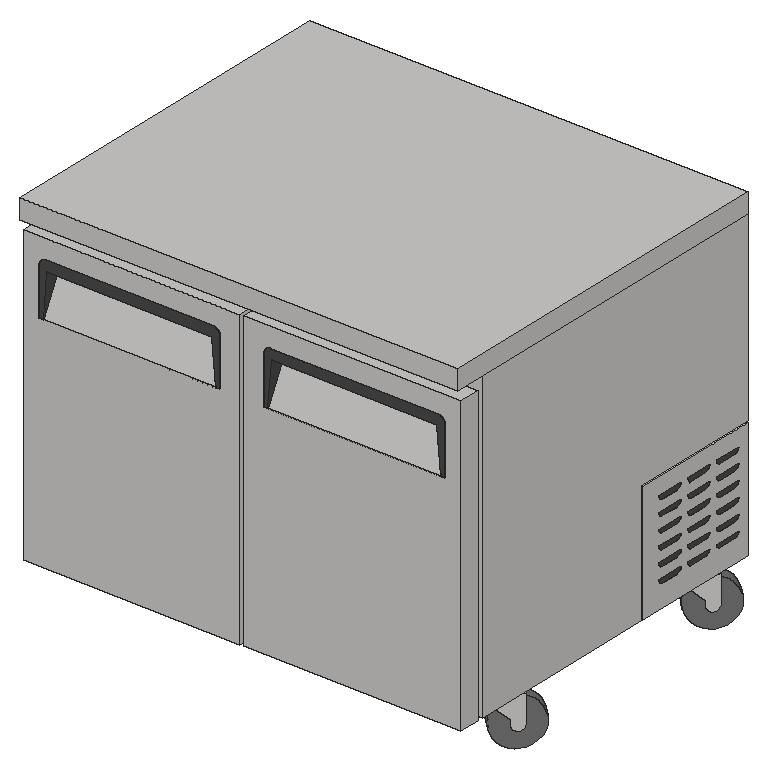
Revit family "QF_Turbo Air_MUR-36L", category Specialty Equipment, Revit 2012
Parameters
  Weight in Pounds = 187
  Watermarked By = "http://revitwatermark.com"
  Volts = 115 V
  URL Cutsheet = ""
  URL = "www.turboairinc.com"
  Status [instance] = ""
  Specification by User [instance] = ""
  Specification by Manufacturer [instance] = ""
  Serial Number [instance] = ""
  Revision Code [instance] = ""
  Phase = 1
  Number of Poles [instance] = 1
  NAFEM Spec ID Number [instance] = ""
  Model = "MUR-36L"
  Masterspec [instance] = ""
  Manufacturer = "Turbo Air"  # constant formula
  Legs [instance] = [6 inch Legs]  # no
  Item Number [instance] = "-"
  Installed By [instance] = ""
  HP = "1/5"
  Furnished By [instance] = ""
  Foodservice Equipment Identifier = yes
  FL Amps = 3 A
  Electrical Remarks [instance] = ""
  Electric Connection Type [instance] = ""
  Elec Conn RI Height [instance] = 0' - 0"
  Elec Conn Connection Height = 1' - 0"
  Description = "Undercounter Refrigerator"
  Cycle = 60 Hz
  Conn Plug = "NEMA 5-15P"
  Casters [instance] = not(Legs)  # yes
  CasterLeg Height [instance] = if([4 inch Casters], 0' 5", if([5 inch Casters], 0' 5 3/4", if([2_5 inch Casters], 0' 3 3/8", 0' 6")))  # 0' - 5"
  CSI MasterFormat = "11 41 13"
  Assembly Code = "E1090320"
  Apparent Power = if(Phase = 3, Volts * FL Amps * 1.73, Volts * FL Amps)  # 345 VA
  6 inch Legs [instance] = no
  5 inch Casters [instance] = no
  4 inch Casters [instance] = yes
  2_5 inch Casters [instance] = no
Reference planes (in)
  plane 1 "BACK": y = 0
  plane 2: z = 0
  plane 3 "LEFT": x = -20.78844
  plane 4 "Bottom": z = 5
  plane 5 "Back Stops": y = 1
  plane 6 "RIGHT": x = 15.46156
  plane 7 "FRONT": y = -30
  plane 8 "Door Clearance": y = -45.75
  plane 9 "Back of Door": y = -27.875
  plane 10 "Front of Box": y = -27.375
  plane 11 "Top of Door": z = 29.5
  plane 12 "TOP": z = 32
  plane 13 "Bottom of TOP": z = 30.375
  plane 14 "Center LR": x = -2.66344
  plane 15: x = -2.47594
  plane 16: x = -2.85094
Forms (in)
  Extrusion 1, solid, material "QF_Finishes_Stainless Steel"
    sketch origin (-20.78844, 0, 0) x (0, 1, 0) y (0, 0, 1)
      loop
        line (0, 5) -> (0, 30.375) -> (-27.375, 30.375) -> (-27.375, 5) -> (0, 5)
    from 0 to 36.25
  Extrusion 2, solid, material "QF_Finishes_Black"
    sketch origin (0, -27.375, 0) x (1, 0, 0) y (0, 0, 1)
      loop
        line (-19.78844, 28.5) -> (-19.78844, 6) -> (-3.85094, 6) -> (-3.85094, 28.5) -> (-19.78844, 28.5)
      loop
        line (-1.47594, 28.5) -> (-1.47594, 6) -> (14.46156, 6) -> (14.46156, 28.5) -> (-1.47594, 28.5)
    from 0 to 0.5
  Extrusion 3, void
    sketch origin (15.46156, 0, 0) x (0, 1, 0) y (0, 0, 1)
      loop
        line (0, 5) -> (0, 15) -> (-11, 15) -> (-11, 5) -> (0, 5)
    from 0 to -1
  Extrusion 4, solid, material "QF_Finishes_Stainless Steel"
    sketch origin (15.46156, 0, 0) x (0, 1, 0) y (0, 0, 1)
      loop
        line (-10.875, 14.875) -> (-10.875, 5) -> (0, 5) -> (0, 14.875) -> (-10.875, 14.875)
      loop
        arc (-9.25, 13.5) -> (-9.10355, 13.14645) -> (-8.75, 13) r 0.5
        line (-8.75, 13) -> (-7.25, 13)
        arc (-7.25, 13) -> (-6.89645, 13.14645) -> (-6.75, 13.5) r 0.5
        line (-6.75, 13.5) -> (-9.25, 13.5)
      loop
        arc (-6.25, 13.5) -> (-6.10355, 13.14645) -> (-5.75, 13) r 0.5
        line (-5.75, 13) -> (-4.25, 13)
        arc (-4.25, 13) -> (-3.89645, 13.14645) -> (-3.75, 13.5) r 0.5
        line (-3.75, 13.5) -> (-6.25, 13.5)
      loop
        arc (-3.25, 13.5) -> (-3.10355, 13.14645) -> (-2.75, 13) r 0.5
        line (-2.75, 13) -> (-1.25, 13)
        arc (-1.25, 13) -> (-0.89645, 13.14645) -> (-0.75, 13.5) r 0.5
        line (-0.75, 13.5) -> (-3.25, 13.5)
      loop
        arc (-9.25, 12.25) -> (-9.10355, 11.89645) -> (-8.75, 11.75) r 0.5
        line (-8.75, 11.75) -> (-7.25, 11.75)
        arc (-7.25, 11.75) -> (-6.89645, 11.89645) -> (-6.75, 12.25) r 0.5
        line (-6.75, 12.25) -> (-9.25, 12.25)
      loop
        arc (-6.25, 12.25) -> (-6.10355, 11.89645) -> (-5.75, 11.75) r 0.5
        line (-5.75, 11.75) -> (-4.25, 11.75)
        arc (-4.25, 11.75) -> (-3.89645, 11.89645) -> (-3.75, 12.25) r 0.5
        line (-3.75, 12.25) -> (-6.25, 12.25)
      loop
        arc (-3.25, 12.25) -> (-3.10355, 11.89645) -> (-2.75, 11.75) r 0.5
        line (-2.75, 11.75) -> (-1.25, 11.75)
        arc (-1.25, 11.75) -> (-0.89645, 11.89645) -> (-0.75, 12.25) r 0.5
        line (-0.75, 12.25) -> (-3.25, 12.25)
      loop
        arc (-9.25, 11) -> (-9.10355, 10.64645) -> (-8.75, 10.5) r 0.5
        line (-8.75, 10.5) -> (-7.25, 10.5)
        arc (-7.25, 10.5) -> (-6.89645, 10.64645) -> (-6.75, 11) r 0.5
        line (-6.75, 11) -> (-9.25, 11)
      loop
        arc (-6.25, 11) -> (-6.10355, 10.64645) -> (-5.75, 10.5) r 0.5
        line (-5.75, 10.5) -> (-4.25, 10.5)
        arc (-4.25, 10.5) -> (-3.89645, 10.64645) -> (-3.75, 11) r 0.5
        line (-3.75, 11) -> (-6.25, 11)
      loop
        arc (-3.25, 11) -> (-3.10355, 10.64645) -> (-2.75, 10.5) r 0.5
        line (-2.75, 10.5) -> (-1.25, 10.5)
        arc (-1.25, 10.5) -> (-0.89645, 10.64645) -> (-0.75, 11) r 0.5
        line (-0.75, 11) -> (-3.25, 11)
      loop
        arc (-9.25, 9.75) -> (-9.10355, 9.39645) -> (-8.75, 9.25) r 0.5
        line (-8.75, 9.25) -> (-7.25, 9.25)
        arc (-7.25, 9.25) -> (-6.89645, 9.39645) -> (-6.75, 9.75) r 0.5
        line (-6.75, 9.75) -> (-9.25, 9.75)
      loop
        arc (-6.25, 9.75) -> (-6.10355, 9.39645) -> (-5.75, 9.25) r 0.5
        line (-5.75, 9.25) -> (-4.25, 9.25)
        arc (-4.25, 9.25) -> (-3.89645, 9.39645) -> (-3.75, 9.75) r 0.5
        line (-3.75, 9.75) -> (-6.25, 9.75)
      loop
        arc (-3.25, 9.75) -> (-3.10355, 9.39645) -> (-2.75, 9.25) r 0.5
        line (-2.75, 9.25) -> (-1.25, 9.25)
        arc (-1.25, 9.25) -> (-0.89645, 9.39645) -> (-0.75, 9.75) r 0.5
        line (-0.75, 9.75) -> (-3.25, 9.75)
      loop
        arc (-9.25, 8.5) -> (-9.10355, 8.14645) -> (-8.75, 8) r 0.5
        line (-8.75, 8) -> (-7.25, 8)
        arc (-7.25, 8) -> (-6.89645, 8.14645) -> (-6.75, 8.5) r 0.5
        line (-6.75, 8.5) -> (-9.25, 8.5)
      loop
        arc (-6.25, 8.5) -> (-6.10355, 8.14645) -> (-5.75, 8) r 0.5
        line (-5.75, 8) -> (-4.25, 8)
        arc (-4.25, 8) -> (-3.89645, 8.14645) -> (-3.75, 8.5) r 0.5
        line (-3.75, 8.5) -> (-6.25, 8.5)
      loop
        arc (-3.25, 8.5) -> (-3.10355, 8.14645) -> (-2.75, 8) r 0.5
        line (-2.75, 8) -> (-1.25, 8)
        arc (-1.25, 8) -> (-0.89645, 8.14645) -> (-0.75, 8.5) r 0.5
        line (-0.75, 8.5) -> (-3.25, 8.5)
      loop
        arc (-9.25, 7.25) -> (-9.10355, 6.89645) -> (-8.75, 6.75) r 0.5
        line (-8.75, 6.75) -> (-7.25, 6.75)
        arc (-7.25, 6.75) -> (-6.89645, 6.89645) -> (-6.75, 7.25) r 0.5
        line (-6.75, 7.25) -> (-9.25, 7.25)
      loop
        arc (-6.25, 7.25) -> (-6.10355, 6.89645) -> (-5.75, 6.75) r 0.5
        line (-5.75, 6.75) -> (-4.25, 6.75)
        arc (-4.25, 6.75) -> (-3.89645, 6.89645) -> (-3.75, 7.25) r 0.5
        line (-3.75, 7.25) -> (-6.25, 7.25)
      loop
        arc (-3.25, 7.25) -> (-3.10355, 6.89645) -> (-2.75, 6.75) r 0.5
        line (-2.75, 6.75) -> (-1.25, 6.75)
        arc (-1.25, 6.75) -> (-0.89645, 6.89645) -> (-0.75, 7.25) r 0.5
        line (-0.75, 7.25) -> (-3.25, 7.25)
    from 0 to -1
  Extrusion 5, solid, material "QF_Finishes_Black"
    sketch origin (15.46156, 0, 0) x (0, 1, 0) y (0, 0, 1)
      loop
        line (-9.875, 13.95221) -> (-9.875, 6.20221) -> (-0.375, 6.20221) -> (-0.375, 13.95221) -> (-9.875, 13.95221)
    from -0.125 to -1
  Extrusion 6, solid, material "QF_Finishes_Black"
    sketch origin (0, 0, 0) x (1, 0, 0) y (0, 0, 1)
      loop
        circle (-14.66344, 27.1875) r 0.5
      loop
        circle (9.33656, 27.1875) r 0.5
    from 0 to -1
  Extrusion 7, solid, material "QF_Finishes_Stainless Steel"
    sketch origin (0, 0, 0) x (1, 0, 0) y (0, 0, 1)
      loop
        circle (11.46156, 11.125) r 0.25
    from 0 to -0.0625
  Extrusion 8, solid, material "QF_Finishes_Polished Steel"
    sketch origin (-20.78844, 0, 0) x (0, 1, 0) y (0, 0, 1)
      loop
        line (0, 32) -> (-30, 32) -> (-30, 30.375) -> (0, 30.375) -> (0, 32)
    from 0 to 36.25
Cuts and joins
  Extrusion 3 cuts Extrusion 1
Lines and regions (in)
  symbolic lines
    curve 1: line (-20.78844, 0, 35.875) -> (15.46156, 0, 35.875)
    curve 2: line (-20.78844, -30, 35.875) -> (-20.78844, 0, 35.875)
    curve 3: line (15.46156, -30, 35.875) -> (-20.78844, -30, 35.875)
    curve 4: line (15.46156, 0, 35.875) -> (15.46156, -30, 35.875)
    curve 5: line (8.83656, 1, 35.875) -> (9.83656, 1, 35.875)
    curve 6: line (-15.16344, 1, 35.875) -> (-14.16344, 1, 35.875)
    curve 7: line (-15.16344, 1, 35.875) -> (-15.16344, 0, 35.875)
    curve 8: line (-14.16344, 1, 35.875) -> (-14.16344, 0, 35.875)
    curve 9: line (8.83656, 1, 35.875) -> (8.83656, 0, 35.875)
    curve 10: line (9.83656, 1, 35.875) -> (9.83656, 0, 35.875)
  symbolic lines, style "QF_Clearances", detail levels coarse
    curve 11: line (15.46156, -30, 35.875) -> (15.46156, -45.75, 35.875)
    curve 12: arc (15.46156, -45.75, 35.875) -> (3.59709, -41.24474, 35.875) -> (-2.28668, -30, 35.875) r 17.875
    curve 13: line (-20.78844, -30, 35.875) -> (-20.78844, -45.75, 35.875)
    curve 14: arc (-20.78844, -45.75, 35.875) -> (-8.92397, -41.24474, 35.875) -> (-3.0402, -30, 35.875) r 17.875
Dimensions and locks (in)
  "CasterLeg Height": plane 4 "Bottom" to plane 2
  locked: plane 1 "BACK" to plane 5 "Back Stops" at 1
  locked: plane 6 "RIGHT" to plane 3 "LEFT" at 36.25
  locked: plane 7 "FRONT" to plane 1 "BACK" at 30
  locked: plane 9 "Back of Door" to plane 10 "Front of Box" at 0.5
  locked: plane 8 "Door Clearance" to plane 1 "BACK" at 45.75
  locked: plane 11 "Top of Door" to Extrusion 2 sketch curve at 1  (x2)
  locked: Extrusion 2 sketch curve to plane 3 "LEFT" at 1
  locked: Extrusion 2 sketch curve to plane 4 "Bottom" at 1  (x2)
  locked: Extrusion 3 sketch curve to plane 1 "BACK" at 11
  locked: Extrusion 3 sketch curve to plane 4 "Bottom" at 10
  locked: plane 4 "Bottom" to Extrusion 4 sketch curve at 9.875
  locked: Extrusion 4 sketch curve to plane 1 "BACK" at 10.875
  locked: Extrusion 5 sketch curve to Extrusion 5 sketch curve at 7.75
  locked: Extrusion 5 sketch curve to plane 4 "Bottom" at 1.20221
  locked: Extrusion 5 sketch curve to Extrusion 5 sketch curve at 9.5
  locked: Extrusion 5 sketch curve to plane 1 "BACK" at 0.375
  locked: nested 1 to plane 1 "BACK" at 2.5625
  locked: plane 3 "LEFT" to nested 1 at 2.5
  locked: plane 3 "LEFT" to nested 2 at 2.5
  locked: plane 10 "Front of Box" to nested 2 at 4.625
  locked: nested 3 to plane 6 "RIGHT" at 2.5
  locked: nested 4 to plane 6 "RIGHT" at 2.5
  locked: plane 10 "Front of Box" to nested 4 at 4.625
  locked: nested 3 to plane 1 "BACK" at 2.5625
  locked: plane 6 "RIGHT" to Extrusion 6 sketch curve at 6.125
  locked: Extrusion 6 sketch curve to plane 3 "LEFT" at 6.125
  locked: Extrusion 7 sketch curve to plane 4 "Bottom" at 6.125
  locked: plane 6 "RIGHT" to Extrusion 7 sketch curve at 4
  locked: plane 12 "TOP" to plane 4 "Bottom" at 27
  locked: plane 12 "TOP" to plane 13 "Bottom of TOP" at 1.625
  locked: plane 13 "Bottom of TOP" to plane 11 "Top of Door" at 0.875
  plane 9 "Back of Door" to plane 1 "BACK" = 2' - 3 7/8"
  equal spacing: plane 3 "LEFT", plane 14 "Center LR", plane 6 "RIGHT"
  plane 16 to plane 14 "Center LR" to plane 15 = 0' - 0 3/16" locked, 0' - 0 3/16" locked
  locked: Extrusion 2 sketch curve to plane 16 at 1
  locked: Extrusion 2 sketch curve to plane 6 "RIGHT" at 1
  locked: Extrusion 2 sketch curve to plane 15 at 1
  aligned and locked: level to plane 2
  aligned and locked: Extrusion 1 sketch curve to plane 1 "BACK"
  aligned and locked: Extrusion 1 sketch curve to plane 4 "Bottom"
  aligned and locked: plane 10 "Front of Box" to Extrusion 1 sketch curve
  aligned and locked: plane 6 "RIGHT" to Extrusion 1
  aligned and locked: plane 9 "Back of Door" to Extrusion 2
  aligned and locked: Extrusion 3 sketch curve to plane 1 "BACK"
  aligned and locked: Extrusion 3 sketch curve to plane 4 "Bottom"
  aligned and locked: Extrusion 6 to plane 5 "Back Stops"
  aligned and locked: plane 1 "BACK" to curve 1
  aligned and locked: curve 4 to plane 6 "RIGHT"
  aligned and locked: plane 3 "LEFT" to curve 2
  aligned and locked: curve 3 to plane 7 "FRONT"
  aligned and locked: curve 5 to Extrusion 6
  aligned and locked: curve 6 to Extrusion 6
  aligned and locked: Extrusion 1 sketch curve to plane 13 "Bottom of TOP"
  aligned and locked: plane 1 "BACK" to Extrusion 8 sketch curve
  aligned and locked: plane 13 "Bottom of TOP" to Extrusion 8 sketch curve
  aligned and locked: Extrusion 8 sketch curve to plane 7 "FRONT"
  aligned and locked: Extrusion 8 sketch curve to plane 12 "TOP"
  aligned and locked: plane 6 "RIGHT" to Extrusion 8
  aligned and locked: nested 6 to plane 4 "Bottom"
  aligned and locked: plane 4 "Bottom" to nested 5
Automatic sketch dimensions
  Extrusion 4 sketch curve to plane 1 "BACK" = 0' - 0"
  Extrusion 4 sketch curve to plane 4 "Bottom" = 0' - 0"
  Extrusion 4 sketch curve to Extrusion 4 sketch curve = 0' - 1 5/8"
  Extrusion 4 sketch curve to Extrusion 4 sketch curve = 0' - 0"  (x16)
  Extrusion 4 sketch curve to Extrusion 4 sketch curve = 0' - 0 1/2"  (x31)
  Extrusion 4 sketch curve to Extrusion 4 sketch curve = 0' - 1 1/2"  (x4)
  plane 1 "BACK" to Extrusion 4 sketch curve = 0' - 1 1/4"  (x3)
  plane 4 "Bottom" to Extrusion 4 sketch curve = 0' - 1 3/4"  (x2)
  Extrusion 4 sketch curve to Extrusion 4 sketch curve = 0' - 0 3/4"  (x15)
  Extrusion 6 sketch curve to plane 11 "Top of Door" = 0' - 2 5/16"  (x2)
  plane 8 "Door Clearance" to curve 11 = 0' - 0"
  plane 8 "Door Clearance" to curve 14 = 0' - 0"
  plane 9 "Back of Door" to curve 12 = 0' - 0"
  plane 9 "Back of Door" to curve 14 = 0' - 0"
  curve 10 to plane 6 "RIGHT" = 0' - 5 5/8"
  curve 5 to curve 9 = 0' - 1"
  plane 3 "LEFT" to curve 8 = 0' - 6 5/8"
  curve 6 to curve 7 = 0' - 1"
  radius of Extrusion 6 sketch curve = 0' - 0 1/2"  (x2)
  radius of Extrusion 7 sketch curve = 0' - 0 1/4"
Nested families (in)
  nested 1: "FESCasterLeg" at (-18.28844, -2.5625, 0), Legs <- "Legs", Casters <- "Casters", Height <- "CasterLeg Height", type "FESCasterLeg"
    with Legs no, Height 0' - 5", Casters yes, Caster Radius 0' - 2"
  nested 2: "FESCasterLeg" at (-18.28844, -22.75, 0), Legs <- "Legs", Casters <- "Casters", Height <- "CasterLeg Height", type "FESCasterLeg"
    with Legs no, Height 0' - 5", Casters yes, Caster Radius 0' - 2"
  nested 3: "FESCasterLeg" at (12.96156, -2.5625, 0), Legs <- "Legs", Casters <- "Casters", Height <- "CasterLeg Height", type "FESCasterLeg"
    with Legs no, Height 0' - 5", Casters yes, Caster Radius 0' - 2"
  nested 4: "FESCasterLeg" at (12.96156, -22.75, 0), Legs <- "Legs", Casters <- "Casters", Height <- "CasterLeg Height", type "FESCasterLeg"
    with Legs no, Height 0' - 5", Casters yes, Caster Radius 0' - 2"
  nested 5: "QF_Turbo Air_TBL_Door-1" at (0.28489, -27.875, 5) x (-1, 0, 0) z (0, 0, 1), type "QF_Turbo Air_TBL_Door-1"
    with Width 1' - 5 15/16", Symbolic Lines no, Height 2' - 0 1/2", Handle Width 1' - 3", Depth 0' - 1 13/16"
  nested 6: "QF_Turbo Air_TBL_Door-1" at (-5.61177, -27.875, 5), type "QF_Turbo Air_TBL_Door-1"
    with Width 1' - 5 15/16", Symbolic Lines no, Height 2' - 0 1/2", Handle Width 1' - 3", Depth 0' - 1 13/16"
Connectors (in)
  electrical at (11.46156, 0.0625, 11.125), driven by "Number of Poles", driven by "Volts", driven by "Apparent Power"
    settings: on Extrusion 7, index 1, voltage 115 V, apparent load 345 VA, apparent load phase1 0 VA, apparent load phase2 0 VA, apparent load phase3 0 VA, power factor 1, load classification "Other", number of poles 1, system type 30, power factor state 1, is connector primary yes, connector utility no, sub classification motor no, connector description ""
Definition of nested family "FESCasterLeg"
  Parameters (values of type "FESCasterLeg")
    Watermarked By = "http://revitwatermark.com"
    Type Comments = "⍁⍉⌁⌀⏭⎽⌇⍠⌜⍉⎖⌥⌦⌯⍭⏊⍻⍿⍊⏵⍊⏗⏠⍴⎡⌈⎀⍠⌓⌤⏘⎐⍀⌐⏬⏁⎈⏍⏦⎒⏬⌝⍩⍇⌣〈⎫〉⎁⏊⍥⍖⍥⍝⍦⌖⍀⏌⏭⎝⎼⏷⏞⍻⏯⎽⏷⏞⍻⏯⎽⏷⎺⌻⎝⍎⌧⏷⏟⏿⌿⍜⍦⍤⌁⍬⏶⏎⍊⏚⏉⎞⌡⎀⎪⏈⌟⌿⍾⍼⌟⌿⌢⌞⏜⏝⎽⍷⍷⍯⍧⍷⌯⍽⏸⏨⏾⏎⌣⏺⍹⏼⏅⎏⌽⎫⎪⍙⎓⏗⎗⏅⌴⍏⍏⍿⏑⎺⍘⌭⏲⍥⎛⎾⎾⍞⍌⎪⎲⌙⎥⏏⎟⎟⏼⏘⎏⎝⏧⏍⏁⍏⍧⏯⏾⌟"
    Legs [instance] = yes
    Height [instance] = 0' - 6"
    Caster Radius [instance] = if(Height < 0' 3", 0' 1", (Height / 2) - 0' 0 1/2")  # 0' - 2 1/2"
    Casters [instance] = yes
    Assembly Code = ""
  Reference planes (in)
    plane 1 "Center (Front/Back)": y = 0
    plane 2: z = 0
    plane 3 "Center (Left/Right)": x = 0
    plane 4: z = 6
    plane 5: z = 5.5
  Forms (in)
    Extrusion 1, solid, material "QF_Finishes_Stainless Steel", visible <- "Casters"
      sketch origin (-24.12131, -22.88887, 10.18833) x (0.707107, 0.707107, 0) y (0, 0, 1)
        loop
          line (34.98772, -7.68833) -> (34.98772, -4.93833) -> (34.48772, -4.93833) -> (34.39402, -4.68833) -> (32.39402, -4.68833) -> (32.39402, -5.43833) -> (33.98772, -7.34206) -> (33.98772, -7.68833)
          arc (33.98772, -7.68833) -> (34.48772, -8.18833) -> (34.98772, -7.68833) r 0.5
      from 0 to 1.75
    Extrusion 2, solid, material "QF_Finishes_Rubber Black", visible <- "Casters"
      sketch origin (-24.32327, -23.09083, 13.31461) x (0.707107, 0.707107, 0) y (0, 0, 1)
        loop
          circle (34.77334, -10.81461) r 2.5
      from 0.375 to 1.375
    Extrusion 3, solid, material "QF_Finishes_Stainless Steel", visible <- "Casters"
      sketch origin (-7.24148, -8.48391, 0) x (0.707107, 0.707107, 0) y (0, 0, 1)
        loop
          line (10.61603, 5.5) -> (11.61603, 5.5) -> (11.61603, 6) -> (10.61603, 6) -> (10.61603, 5.5)
      from 0 to -1.75
    Blend 4, solid, material "QF_Finishes_Stainless Steel", visible <- "Legs"
      base sketch origin (0, 0, 0) x (1, 0, 0) y (0, 1, 0)
        loop
          circle (0, 0) r 0.5
      top sketch origin (0, 0, 0) x (1, 0, 0) y (0, 1, 0)
        loop
          circle (0, 0) r 1
      from 0 to 6 <- "Height"
  Lines and regions (in)
    symbolic lines, style "QF_Hidden Details", visible <- "Casters", built-in parameter 1006206 <- "Casters"
      curve 1: line (-1.26158, -0.51911, 0) -> (1.39007, 2.13254, 0)
      curve 2: line (-0.53429, -1.24639, 0) -> (2.11736, 1.40526, 0)
    symbolic lines, style "QF_Hidden Details", built-in parameter 1006206 <- "Casters", visible <- "Casters"
      curve 3: line (-1.26158, -0.51911, 0) -> (1.39007, 2.13254, 0)
      curve 4: line (-0.53429, -1.24639, 0) -> (2.11736, 1.40526, 0)
  Dimensions and locks (in)
    locked: plane 4 to plane 5 at 0.5
    "Height": plane 4 to level
    "Caster Radius": Extrusion 2 sketch curve to level
    "Caster Radius": Extrusion 1 sketch curve to level
    "Caster Radius": radius of Extrusion 2 sketch curve
    aligned and locked: plane 2 to level
    aligned: Blend 4 to Extrusion 3
    aligned and locked: plane 4 to Blend 4
    aligned and locked: Extrusion 3 to plane 5
    aligned and locked: plane 4 to Extrusion 3
    aligned and locked: plane 5 to Extrusion 1
  Automatic sketch dimensions
    plane 1 "Center (Front/Back)" to curve 3 = 0' - 0.51911"
    curve 3 to plane 3 "Center (Left/Right)" = 0' - 1.26158"
    plane 1 "Center (Front/Back)" to curve 1 = 0' - 0.51911"
    curve 1 to curve 3 = 0' - 0"  (x3)
    curve 4 to plane 3 "Center (Left/Right)" = 0' - 0.53429"
    curve 2 to curve 4 = 0' - 0"  (x2)
    plane 3 "Center (Left/Right)" to curve 3 = 0' - 1.39007"
    curve 1 to curve 4 = 0' - 0.72729"
    curve 2 to curve 1 = 0' - 0.72729"
    curve 4 to curve 2 = 0' - 0"  (x2)
    curve 2 to plane 1 "Center (Front/Back)" = 0' - 1.40526"
    curve 2 to curve 3 = 0' - 0.72729"
    plane 5 to Extrusion 1 sketch curve = 0' - 0"
    Extrusion 1 sketch curve to Extrusion 1 sketch curve = 0' - 1.5937"
    Extrusion 1 sketch curve to Extrusion 1 sketch curve = 0' - 2"
    Extrusion 1 sketch curve to Extrusion 1 sketch curve = 0' - 0.0937"
    Extrusion 1 sketch curve to Extrusion 1 sketch curve = 0' - 0 1/2"
    Extrusion 1 sketch curve to Extrusion 1 sketch curve = 0' - 0.34627"
    Extrusion 1 sketch curve to plane 5 = 0' - 0 3/4"
    Extrusion 1 sketch curve to plane 5 = 0' - 0 1/4"
    Extrusion 3 sketch curve to plane 5 = 0' - 0"
    plane 4 to Extrusion 3 sketch curve = 0' - 0"
    Extrusion 3 sketch curve to Extrusion 3 sketch curve = 0' - 1"
    plane 1 "Center (Front/Back)" to Blend 4 sketch curve = 0' - 0"  (x2)
    Blend 4 sketch curve to plane 3 "Center (Left/Right)" = 0' - 0"  (x2)
    radius of Blend 4 sketch curve = 0' - 0 1/2"
    radius of Blend 4 sketch curve = 0' - 1"
Definition of nested family "QF_Turbo Air_TBL_Door-1"
  Parameters (values of type "QF_Turbo Air_TBL_Door-1")
    Width [instance] = 2' - 5 5/16"
    Watermarked By = "http://revitwatermark.com"
    Symbolic Lines [instance] = yes
    Manufacturer = "Turbo Air"  # constant formula
    Height [instance] = 2' - 3 7/16"
    Handle Width [instance] = 1' - 5 5/8"
    Depth [instance] = 0' - 1 13/16"
  Reference planes (in)
    plane 1 "BACK": y = 0
    plane 2: z = 0
    plane 3 "LEFT": x = -15.17667
    plane 4: x = 14.13583
    plane 5 "FRONT": y = -1.8125
    plane 6: z = 27.4375
    plane 7 "Right of Handle": x = 12.51083
    plane 8 "Left of Handle": x = -5.11417
  Forms (in)
    Extrusion 1, solid, material "QF_Finishes_Black"
      sketch origin (-31.11417, 0, 15.01083) x (0, 0, -1) y (1, 0, 0)
        loop
          arc (-10.23917, 43.625) -> (-10.63691, 43.46025) -> (-10.80167, 43.0625) r 0.5625
          line (-10.80167, 43.0625) -> (-10.80167, 26.5625)
          arc (-10.80167, 26.5625) -> (-10.63691, 26.16475) -> (-10.23917, 26) r 0.5625
          line (-10.23917, 26) -> (-6.30167, 26) -> (-6.30167, 26.34375) -> (-9.98917, 26.66636) -> (-9.98917, 42.95864) -> (-6.30167, 43.28125) -> (-6.30167, 43.625) -> (-10.23917, 43.625)
      from 0 to 1.8125
    Extrusion 2, solid, material "QF_Finishes_Stainless Steel"
      sketch origin (-5.14542, 0, 15.01083) x (0, 1, 0) y (0, 0, 1)
        loop
          line (-1.8125, 6.30167) -> (0, 6.30167) -> (0, 9.98917) -> (-0.47036, 9.98917) -> (-1.8125, 6.30167)
      from 0.375 to 17.3125
    Extrusion 3, solid, material "QF_Finishes_Stainless Steel"
      sketch origin (0, 0, 0) x (1, 0, 0) y (0, 0, 1)
        loop
          line (-15.17667, 27.4375) -> (-15.17667, 0) -> (14.13583, 0) -> (14.13583, 27.4375) -> (-15.17667, 27.4375)
        loop
          arc (-4.55167, 25.8125) -> (-4.94941, 25.64775) -> (-5.11417, 25.25) r 0.5625
          line (-5.11417, 25.25) -> (-5.11417, 21.3125) -> (12.51083, 21.3125) -> (12.51083, 25.25)
          arc (12.51083, 25.25) -> (12.34608, 25.64775) -> (11.94833, 25.8125) r 0.5625
          line (11.94833, 25.8125) -> (-4.55167, 25.8125)
      from 0 to 1.8125
  Lines and regions (in)
    symbolic lines, visible <- "Symbolic Lines"
      curve 1: line (-15.17667, 0, 25.96875) -> (14.13583, 0, 25.96875)
      curve 2: line (-15.17667, -1.8125, 25.96875) -> (-15.17667, 0, 25.96875)
      curve 3: line (14.13583, -1.8125, 25.96875) -> (-15.17667, -1.8125, 25.96875)
      curve 4: line (14.13583, 0, 25.96875) -> (14.13583, -1.8125, 25.96875)
  Dimensions and locks (in)
    "Width": plane 4 to plane 3 "LEFT"
    "Depth": plane 5 "FRONT" to plane 1 "BACK"
    "Height": plane 6 to plane 2
    locked: Extrusion 3 sketch curve to Extrusion 3 sketch curve at 4.5
    locked: plane 6 to Extrusion 3 sketch curve at 1.625
    locked: plane 6 to Extrusion 1 sketch curve at 1.625
    locked: Extrusion 1 sketch curve to Extrusion 1 sketch curve at 0.8125
    locked: Extrusion 1 sketch curve to Extrusion 1 sketch curve at 4.5  (x2)
    locked: plane 6 to Extrusion 2 sketch curve at 2.4375
    locked: Extrusion 2 sketch curve to Extrusion 2 sketch curve at 3.6875
    locked: Extrusion 2 sketch curve to plane 5 "FRONT" at 1.34214
    locked: plane 7 "Right of Handle" to plane 4 at 1.625
    "Handle Width": plane 8 "Left of Handle" to plane 7 "Right of Handle"
    locked: Extrusion 1 sketch curve to plane 8 "Left of Handle" at 0.34375
    locked: Extrusion 1 sketch curve to plane 8 "Left of Handle" at 0.66636
    locked: Extrusion 1 sketch curve to plane 8 "Left of Handle" at 0.5625
    locked: plane 7 "Right of Handle" to Extrusion 1 sketch curve at 0.34375
    locked: plane 7 "Right of Handle" to Extrusion 1 sketch curve at 0.66636
    locked: plane 7 "Right of Handle" to Extrusion 1 sketch curve at 0.5625
    locked: plane 8 "Left of Handle" to Extrusion 2 at 0.34375
    locked: plane 7 "Right of Handle" to Extrusion 2 at 0.34375
    aligned and locked: level to plane 2
    aligned and locked: Extrusion 3 sketch curve to plane 6
    aligned and locked: plane 3 "LEFT" to Extrusion 3 sketch curve
    aligned and locked: level to Extrusion 3 sketch curve
    aligned and locked: Extrusion 3 sketch curve to plane 4
    aligned and locked: plane 5 "FRONT" to Extrusion 3
    aligned and locked: Extrusion 2 sketch curve to plane 1 "BACK"
    aligned and locked: plane 1 "BACK" to curve 1
    aligned and locked: plane 3 "LEFT" to curve 2
    aligned and locked: curve 3 to plane 5 "FRONT"
    aligned and locked: curve 4 to plane 4
    aligned and locked: Extrusion 3 sketch curve to plane 7 "Right of Handle"
    aligned and locked: Extrusion 3 sketch curve to plane 8 "Left of Handle"
    aligned and locked: Extrusion 1 sketch curve to plane 7 "Right of Handle"
    aligned and locked: plane 8 "Left of Handle" to Extrusion 1 sketch curve
  Automatic sketch dimensions
    Extrusion 3 sketch curve to Extrusion 3 sketch curve = 0' - 0 9/16"  (x2)
    Extrusion 2 sketch curve to plane 5 "FRONT" = 0' - 0"
